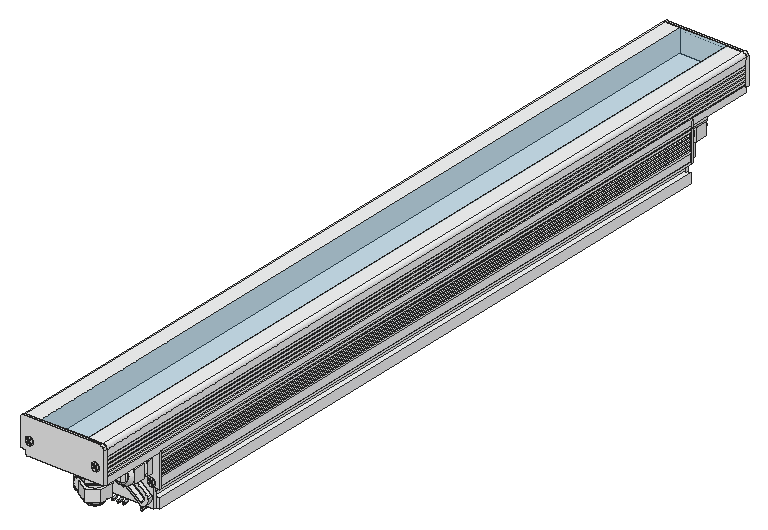
Revit family "ALS600T-AD-4RF", category Lighting Fixtures, Revit 2017 (continued)
Forms (in)
  Revolve 85, solid, not visible
    sketch origin (-0.02137, 0, 1.06933) x (1, 0, 0) y (0, 1, 0)
      loop
        line (1.37586, -10.00382) -> (1.37586, -11.00382)
        arc (1.37586, -11.00382) -> (1.52201, -11.01021) -> (1.66198, -10.96768) r 0.43398
        arc (1.66198, -10.96768) -> (1.66734, -10.9471) -> (1.66198, -10.92653) r 0.04216
        arc (1.66198, -10.92653) -> (1.602, -10.77742) -> (1.58156, -10.61801) r 0.63207
        line (1.58156, -10.61801) -> (1.58156, -10.334) -> (1.47989, -10.334) -> (1.47989, -10.20428)
        arc (1.47989, -10.20428) -> (1.48546, -10.18683) -> (1.4786, -10.16984) r 0.02697
        arc (1.4786, -10.16984) -> (1.48546, -10.15285) -> (1.47989, -10.1354) r 0.02697
        arc (1.47989, -10.1354) -> (1.48548, -10.11895) -> (1.47989, -10.1025) r 0.02697
        arc (1.47989, -10.1025) -> (1.48548, -10.08606) -> (1.47989, -10.06961) r 0.02697
        arc (1.47989, -10.06961) -> (1.48548, -10.05316) -> (1.47989, -10.03672) r 0.02697
        arc (1.47989, -10.03672) -> (1.48548, -10.02027) -> (1.47989, -10.00382) r 0.02697
        line (1.47989, -10.00382) -> (1.37586, -10.00382)
      axis (1.37586, -10.00382) -> (1.37586, -11.00382)
    angle from 0 to 360
  Extrusion 86, solid, not visible
    sketch origin (0, -0.00052, 0) x (1, 0, 0) y (0, 0, 1)
      loop
        line (1.06129, 1.57) -> (1.06129, 1.53503) -> (1.29265, 1.53503) -> (1.29265, 1.57) -> (1.06129, 1.57)
      loop
        line (1.51092, 1.57) -> (1.51092, 1.53699) -> (1.72749, 1.53699) -> (1.72749, 1.57) -> (1.51092, 1.57)
    from 10.0033 to 12
  Extrusion 87, solid, not visible
    sketch origin (0, 0.4375, 0) x (1, 0, 0) y (0, 1, 0)
      loop
        circle (1.17753, -11.25427) r 0.11625
      loop
        line (1.12751, -11.17355) -> (1.10007, -11.1954) -> (1.14693, -11.25427) -> (1.10007, -11.31314) -> (1.12751, -11.33499) -> (1.17753, -11.27216) -> (1.22754, -11.33499) -> (1.25499, -11.31314) -> (1.20813, -11.25427) -> (1.25499, -11.1954) -> (1.22754, -11.17355) -> (1.17753, -11.23638) -> (1.12751, -11.17355)
    from 1.4643 to 1.5343
  Extrusion 88, solid, not visible
    sketch origin (1.44491, -13.53482, 13.24212) x (-1, 0, 0) y (0, 0, 1)
      loop
        circle (1.17753, -11.25427) r 0.11625
      loop
        line (1.12751, -11.17355) -> (1.10007, -11.1954) -> (1.14693, -11.25427) -> (1.10007, -11.31314) -> (1.12751, -11.33499) -> (1.17753, -11.27216) -> (1.22754, -11.33499) -> (1.25499, -11.31314) -> (1.20813, -11.25427) -> (1.25499, -11.1954) -> (1.22754, -11.17355) -> (1.17753, -11.23638) -> (1.12751, -11.17355)
    from 1.4542 to 1.5343
  Extrusion 89, solid, not visible
    sketch origin (1.42321, -12.31607, 11.93355) x (-1, 0, 0) y (0, 0, 1)
      loop
        circle (1.17753, -11.25427) r 0.11625
      loop
        line (1.12751, -11.17355) -> (1.10007, -11.1954) -> (1.14693, -11.25427) -> (1.10007, -11.31314) -> (1.12751, -11.33499) -> (1.17753, -11.27216) -> (1.22754, -11.33499) -> (1.25499, -11.31314) -> (1.20813, -11.25427) -> (1.25499, -11.1954) -> (1.22754, -11.17355) -> (1.17753, -11.23638) -> (1.12751, -11.17355)
    from 2.36607 to 2.31225
  Extrusion 90, solid, not visible
    sketch origin (1.06982, -12.31607, 13.24212) x (1, 0, 0) y (0, 0, -1)
      loop
        circle (1.17753, 11.25427) r 0.11625
      loop
        line (1.12751, 11.17355) -> (1.17753, 11.23638) -> (1.22754, 11.17355) -> (1.25499, 11.1954) -> (1.20813, 11.25427) -> (1.25499, 11.31314) -> (1.22754, 11.33499) -> (1.17753, 11.27216) -> (1.12751, 11.33499) -> (1.10007, 11.31314) -> (1.14693, 11.25427) -> (1.10007, 11.1954) -> (1.12751, 11.17355)
    from 0.23545 to 0.31607
  Extrusion 91, solid, not visible
    sketch origin (1.09152, -12.31607, 11.93355) x (1, 0, 0) y (0, 0, -1)
      loop
        circle (1.17753, 11.25427) r 0.11625
      loop
        line (1.12751, 11.17355) -> (1.17753, 11.23638) -> (1.22754, 11.17355) -> (1.25499, 11.1954) -> (1.20813, 11.25427) -> (1.25499, 11.31314) -> (1.22754, 11.33499) -> (1.17753, 11.27216) -> (1.12751, 11.33499) -> (1.10007, 11.31314) -> (1.14693, 11.25427) -> (1.10007, 11.1954) -> (1.12751, 11.17355)
    from 2.31225 to 2.36607
  Extrusion 92, solid, not visible
    sketch origin (0, -0.00052, 0) x (1, 0, 0) y (0, 0, 1)
      loop
        circle (2.25157, 0.08671) r 0.03149
    from 10.19954 to 10.33348
  Extrusion 93, solid, not visible
    sketch origin (-0.1358, -0.00052, -0.03639) x (1, 0, 0) y (0, 0, 1)
      loop
        circle (2.25157, 0.08671) r 0.03149
    from 10.20006 to 10.334
  Extrusion 94, solid, not visible
    sketch origin (-0.29128, -0.00052, -0.03639) x (1, 0, 0) y (0, 0, 1)
      loop
        circle (2.25157, 0.08671) r 0.03149
    from 10.20006 to 10.334
  Extrusion 95, solid, not visible
    sketch origin (-0.46418, -0.00052, -0.02934) x (1, 0, 0) y (0, 0, 1)
      loop
        circle (2.25157, 0.08671) r 0.03149
    from 10.20006 to 10.334
  Extrusion 96, solid, not visible
    sketch origin (-0.61226, -0.00052, -0.0059) x (1, 0, 0) y (0, 0, 1)
      loop
        circle (2.25157, 0.08671) r 0.03149
    from 10.20006 to 10.334
  Extrusion 97, solid, not visible
    sketch origin (-0.7201, -0.00052, 0.04439) x (1, 0, 0) y (0, 0, 1)
      loop
        circle (2.25157, 0.08671) r 0.03149
    from 10.20006 to 10.334
  Extrusion 98, solid, not visible
    sketch origin (-0.80367, -0.00052, 0.1057) x (1, 0, 0) y (0, 0, 1)
      loop
        circle (2.25157, 0.08671) r 0.03149
    from 10.20006 to 10.334
  Extrusion 99, solid, not visible
    sketch origin (-0.86646, -0.00052, 0.19193) x (1, 0, 0) y (0, 0, 1)
      loop
        circle (2.25157, 0.08671) r 0.03149
    from 10.20006 to 10.334
  Extrusion 100, solid, not visible
    sketch origin (-0.98716, -0.00052, 0.37512) x (1, 0, 0) y (0, 0, 1)
      loop
        circle (2.25157, 0.08671) r 0.03149
    from 10.20006 to 10.334
  Extrusion 101, solid, not visible
    sketch origin (-1.03279, -0.00052, 0.48503) x (1, 0, 0) y (0, 0, 1)
      loop
        circle (2.25157, 0.08671) r 0.03149
    from 10.20006 to 10.334
  Extrusion 102, solid, not visible
    sketch origin (-1.00935, -0.00052, 0.61594) x (1, 0, 0) y (0, 0, 1)
      loop
        circle (2.25157, 0.08671) r 0.03149
    from 10.20006 to 10.334
  Extrusion 103, solid, not visible
    sketch origin (-0.95447, -0.00052, 0.67082) x (1, 0, 0) y (0, 0, 1)
      loop
        circle (2.25157, 0.08671) r 0.03149
    from 10.20006 to 10.334
  Extrusion 104, solid, not visible
    sketch origin (-0.93784, -0.00052, 0.2662) x (1, 0, 0) y (0, 0, 1)
      loop
        circle (2.25157, 0.08671) r 0.03149
    from 10.20006 to 10.334
  Extrusion 105, solid, material "Fixture Cap" <- "Fixture Cap", not visible
    sketch origin (-1.93945, -5.61414, 5.29794) x (1, 0, 0) y (0, 0, -1)
      loop
        line (4.45945, -2.27206) -> (2.17116, -2.27206)
        arc (2.17116, -2.27206) -> (2.12786, -2.29) -> (2.10992, -2.3333) r 0.06125
        line (2.10992, -2.3333) -> (2.10992, -2.43072) -> (1.93945, -2.43072) -> (1.93945, -3.22491)
        arc (1.93945, -3.22491) -> (1.97084, -3.30068) -> (2.0466, -3.33206) r 0.10715
        line (2.0466, -3.33206) -> (4.34703, -3.33206)
        arc (4.34703, -3.33206) -> (4.42653, -3.29913) -> (4.45945, -3.21964) r 0.11242
        line (4.45945, -3.21964) -> (4.45945, -2.27206)
    from -6.38586 to -6.46648
  Extrusion 106, solid, material "Fixture Cap" <- "Fixture Cap", not visible
    sketch origin (-1.34079, -5.61414, 3.55692) x (1, 0, 0) y (0, 0, -1)
      loop
        line (3.70079, -2.44308) -> (1.50079, -2.44308) -> (1.50079, -3.00999) -> (1.34079, -3.00999) -> (1.34079, -4.17175) -> (1.51125, -4.17175) -> (1.51125, -4.07433)
        arc (1.51125, -4.07433) -> (1.52919, -4.03102) -> (1.5725, -4.01308) r 0.06125
        line (1.5725, -4.01308) -> (3.86079, -4.01308) -> (3.86079, -3.00999) -> (3.70079, -3.00999) -> (3.70079, -2.44308)
    from -4.33586 to -4.38968
  Extrusion 107, solid, not visible
    sketch origin (0, 0, 6) x (1, 0, 0) y (0, 0, 1)
      loop
        arc (0.17046, 1.66319) -> (0.05923, 1.65903) -> (0, 1.56477) r 0.11912
        line (0, 1.56477) -> (0, 1.4901)
        arc (0, 1.4901) -> (0.14626, 1.39146) -> (0.24596, 1.53699) r 0.1252
        line (0.24596, 1.53699) -> (1.06129, 1.53699) -> (1.06129, 1.57) -> (0.23171, 1.57)
        arc (0.23171, 1.57) -> (0.1884, 1.58794) -> (0.17046, 1.63125) r 0.06125
        line (0.17046, 1.63125) -> (0.17046, 1.66319)
    from 10.00382 to 10.51999
  Extrusion 108, solid, not visible
    sketch origin (0, 0, 6) x (1, 0, 0) y (0, 0, 1)
      loop
        arc (1.14151, 1.50452) -> (1.07455, 1.53392) -> (1.00195, 1.52513) r 0.13857
        arc (1.00195, 1.52513) -> (0.90722, 1.45276) -> (0.86206, 1.34243) r 0.22764
        arc (0.86206, 1.34243) -> (0.87048, 1.27794) -> (0.90914, 1.22565) r 0.1297
        line (0.90914, 1.22565) -> (2.17525, 0.20038)
        arc (2.17525, 0.20038) -> (2.20644, 0.18238) -> (2.24166, 0.17494) r 0.11481
        line (2.24166, 0.17494) -> (2.27594, 0.13261) -> (2.27703, 0.17865)
        arc (2.27703, 0.17865) -> (2.40611, 0.26958) -> (2.44515, 0.42256) r 0.22797
        arc (2.44515, 0.42256) -> (2.4371, 0.44854) -> (2.41972, 0.46945) r 0.06962
        line (2.41972, 0.46945) -> (1.14151, 1.50452)
      loop
        arc (2.21627, 0.28297) -> (2.24785, 0.26992) -> (2.28144, 0.27623) r 0.06
        arc (2.28144, 0.27623) -> (2.32403, 0.3102) -> (2.35016, 0.35801) r 0.13797
        arc (2.35016, 0.35801) -> (2.35029, 0.39565) -> (2.32927, 0.42689) r 0.06414
        line (2.32927, 0.42689) -> (1.09286, 1.42811)
        arc (1.09286, 1.42811) -> (1.05744, 1.44233) -> (1.02015, 1.43415) r 0.0648
        arc (1.02015, 1.43415) -> (0.97773, 1.39679) -> (0.95389, 1.34553) r 0.13764
        arc (0.95389, 1.34553) -> (0.95547, 1.31485) -> (0.97308, 1.28968) r 0.05565
        line (0.97308, 1.28968) -> (2.21627, 0.28297)
    from -10.21942 to -10.334
  Revolve 109, solid, not visible
    sketch origin (-0.02137, 0, 7.06933) x (1, 0, 0) y (0, 1, 0)
      loop
        line (1.37586, 10.00382) -> (1.47989, 10.00382)
        arc (1.47989, 10.00382) -> (1.48548, 10.02027) -> (1.47989, 10.03672) r 0.02697
        arc (1.47989, 10.03672) -> (1.48548, 10.05316) -> (1.47989, 10.06961) r 0.02697
        arc (1.47989, 10.06961) -> (1.48548, 10.08606) -> (1.47989, 10.1025) r 0.02697
        arc (1.47989, 10.1025) -> (1.48548, 10.11895) -> (1.47989, 10.1354) r 0.02697
        arc (1.47989, 10.1354) -> (1.48546, 10.15285) -> (1.4786, 10.16984) r 0.02697
        arc (1.4786, 10.16984) -> (1.48546, 10.18683) -> (1.47989, 10.20428) r 0.02697
        line (1.47989, 10.20428) -> (1.47989, 10.334) -> (1.58156, 10.334) -> (1.58156, 10.61801)
        arc (1.58156, 10.61801) -> (1.602, 10.77742) -> (1.66198, 10.92653) r 0.63207
        arc (1.66198, 10.92653) -> (1.66734, 10.9471) -> (1.66198, 10.96768) r 0.04216
        arc (1.66198, 10.96768) -> (1.52201, 11.01021) -> (1.37586, 11.00382) r 0.43398
        line (1.37586, 11.00382) -> (1.37586, 10.00382)
      axis (1.37586, 10.00382) -> (1.37586, 11.00382)
    angle from 0 to 360
  Extrusion 110, solid, not visible
    sketch origin (0, 0, 6) x (1, 0, 0) y (0, 0, 1)
      loop
        line (1.06129, 1.57) -> (1.06129, 1.53503) -> (1.29265, 1.53503) -> (1.29265, 1.57) -> (1.06129, 1.57)
      loop
        line (1.51092, 1.57) -> (1.51092, 1.53699) -> (1.72749, 1.53699) -> (1.72749, 1.57) -> (1.51092, 1.57)
    from 10.00382 to 12
  Extrusion 111, solid, not visible
    sketch origin (0, 0.4375, 6) x (1, 0, 0) y (0, 1, 0)
      loop
        circle (1.17753, 10.37927) r 0.11625
      loop
        line (1.12751, 10.29855) -> (1.17753, 10.36138) -> (1.22754, 10.29855) -> (1.25499, 10.3204) -> (1.20813, 10.37927) -> (1.25499, 10.43814) -> (1.22754, 10.45999) -> (1.17753, 10.39716) -> (1.12751, 10.45999) -> (1.10007, 10.43814) -> (1.14693, 10.37927) -> (1.10007, 10.3204) -> (1.12751, 10.29855)
    from 1.4643 to 1.5343
  Extrusion 112, solid, not visible
    sketch origin (1.44491, -13.53482, 19.24212) x (-1, 0, 0) y (0, 0, 1)
      loop
        circle (1.17753, -11.25427) r 0.11625
      loop
        line (1.12751, -11.17355) -> (1.10007, -11.1954) -> (1.14693, -11.25427) -> (1.10007, -11.31314) -> (1.12751, -11.33499) -> (1.17753, -11.27216) -> (1.22754, -11.33499) -> (1.25499, -11.31314) -> (1.20813, -11.25427) -> (1.25499, -11.1954) -> (1.22754, -11.17355) -> (1.17753, -11.23638) -> (1.12751, -11.17355)
    from 1.4542 to 1.5343
  Extrusion 113, solid, not visible
    sketch origin (1.42321, -12.31607, 17.93355) x (-1, 0, 0) y (0, 0, 1)
      loop
        circle (1.17753, -11.25427) r 0.11625
      loop
        line (1.12751, -11.17355) -> (1.10007, -11.1954) -> (1.14693, -11.25427) -> (1.10007, -11.31314) -> (1.12751, -11.33499) -> (1.17753, -11.27216) -> (1.22754, -11.33499) -> (1.25499, -11.31314) -> (1.20813, -11.25427) -> (1.25499, -11.1954) -> (1.22754, -11.17355) -> (1.17753, -11.23638) -> (1.12751, -11.17355)
    from 2.36607 to 2.31225
  Extrusion 114, solid, not visible
    sketch origin (1.06982, -12.31607, 19.24212) x (1, 0, 0) y (0, 0, -1)
      loop
        circle (1.17753, 11.25427) r 0.11625
      loop
        line (1.12751, 11.17355) -> (1.17753, 11.23638) -> (1.22754, 11.17355) -> (1.25499, 11.1954) -> (1.20813, 11.25427) -> (1.25499, 11.31314) -> (1.22754, 11.33499) -> (1.17753, 11.27216) -> (1.12751, 11.33499) -> (1.10007, 11.31314) -> (1.14693, 11.25427) -> (1.10007, 11.1954) -> (1.12751, 11.17355)
    from 0.23545 to 0.31607
  Extrusion 115, solid, not visible
    sketch origin (1.09152, -12.31607, 17.93355) x (1, 0, 0) y (0, 0, -1)
      loop
        circle (1.17753, 11.25427) r 0.11625
      loop
        line (1.12751, 11.17355) -> (1.17753, 11.23638) -> (1.22754, 11.17355) -> (1.25499, 11.1954) -> (1.20813, 11.25427) -> (1.25499, 11.31314) -> (1.22754, 11.33499) -> (1.17753, 11.27216) -> (1.12751, 11.33499) -> (1.10007, 11.31314) -> (1.14693, 11.25427) -> (1.10007, 11.1954) -> (1.12751, 11.17355)
    from 2.31225 to 2.36607
  Extrusion 116, solid, not visible
    sketch origin (0, 0, 6) x (1, 0, 0) y (0, 0, 1)
      loop
        circle (2.25157, 0.08671) r 0.03149
    from -10.21942 to -10.334
  Extrusion 117, solid, not visible
    sketch origin (-0.1358, 0, 5.96361) x (1, 0, 0) y (0, 0, 1)
      loop
        circle (2.25157, 0.08671) r 0.03149
    from 10.20006 to 10.334
  Extrusion 118, solid, not visible
    sketch origin (-0.29128, 0, 5.96361) x (1, 0, 0) y (0, 0, 1)
      loop
        circle (2.25157, 0.08671) r 0.03149
    from 10.20006 to 10.334
  Extrusion 119, solid, not visible
    sketch origin (-0.46418, 0, 5.97066) x (1, 0, 0) y (0, 0, 1)
      loop
        circle (2.25157, 0.08671) r 0.03149
    from 10.20006 to 10.334
  Extrusion 120, solid, not visible
    sketch origin (-0.61226, 0, 5.9941) x (1, 0, 0) y (0, 0, 1)
      loop
        circle (2.25157, 0.08671) r 0.03149
    from 10.20006 to 10.334
  Extrusion 121, solid, not visible
    sketch origin (-0.7201, 0, 6.04439) x (1, 0, 0) y (0, 0, 1)
      loop
        circle (2.25157, 0.08671) r 0.03149
    from 10.20006 to 10.334
  Extrusion 122, solid, not visible
    sketch origin (-0.80367, 0, 6.1057) x (1, 0, 0) y (0, 0, 1)
      loop
        circle (2.25157, 0.08671) r 0.03149
    from 10.20006 to 10.334
  Extrusion 123, solid, not visible
    sketch origin (-0.86646, 0, 6.19193) x (1, 0, 0) y (0, 0, 1)
      loop
        circle (2.25157, 0.08671) r 0.03149
    from 10.20006 to 10.334
  Extrusion 124, solid, not visible
    sketch origin (-0.98716, 0, 6.37512) x (1, 0, 0) y (0, 0, 1)
      loop
        circle (2.25157, 0.08671) r 0.03149
    from 10.20006 to 10.334
  Extrusion 125, solid, not visible
    sketch origin (-1.03279, 0, 6.48503) x (1, 0, 0) y (0, 0, 1)
      loop
        circle (2.25157, 0.08671) r 0.03149
    from 10.20006 to 10.334
  Extrusion 126, solid, not visible
    sketch origin (-1.00935, 0, 6.61594) x (1, 0, 0) y (0, 0, 1)
      loop
        circle (2.25157, 0.08671) r 0.03149
    from 10.20006 to 10.334
  Extrusion 127, solid, not visible
    sketch origin (-0.95447, 0, 6.67082) x (1, 0, 0) y (0, 0, 1)
      loop
        circle (2.25157, 0.08671) r 0.03149
    from 10.20006 to 10.334
  Extrusion 128, solid, not visible
    sketch origin (-0.93784, 0, 6.2662) x (1, 0, 0) y (0, 0, 1)
      loop
        circle (2.25157, 0.08671) r 0.03149
    from 10.20006 to 10.334
  Extrusion 129, solid, material "Fixture Cap" <- "Fixture Cap"
    sketch origin (4.45945, 5.61414, -0.70206) x (-1, 0, 0) y (0, 0, -1)
      loop
        line (4.45945, -2.27206) -> (2.17116, -2.27206)
        arc (2.17116, -2.27206) -> (2.12786, -2.29) -> (2.10992, -2.3333) r 0.06125
        line (2.10992, -2.3333) -> (2.10992, -2.43072) -> (1.93945, -2.43072) -> (1.93945, -3.22491)
        arc (1.93945, -3.22491) -> (1.97084, -3.30068) -> (2.0466, -3.33206) r 0.10715
        line (2.0466, -3.33206) -> (4.34703, -3.33206)
        arc (4.34703, -3.33206) -> (4.42653, -3.29913) -> (4.45945, -3.21964) r 0.11242
        line (4.45945, -3.21964) -> (4.45945, -2.27206)
    from -6.38586 to -6.46648
  Extrusion 130, solid, material "Fixture Cap" <- "Fixture Cap"
    sketch origin (3.86079, 5.61414, -2.44308) x (-1, 0, 0) y (0, 0, -1)
      loop
        line (3.70079, -2.44308) -> (1.50079, -2.44308) -> (1.50079, -3.00999) -> (1.34079, -3.00999) -> (1.34079, -4.17175) -> (1.51125, -4.17175) -> (1.51125, -4.07433)
        arc (1.51125, -4.07433) -> (1.52919, -4.03102) -> (1.5725, -4.01308) r 0.06125
        line (1.5725, -4.01308) -> (3.86079, -4.01308) -> (3.86079, -3.00999) -> (3.70079, -3.00999) -> (3.70079, -2.44308)
    from -4.33586 to -4.38968
  Extrusion 131, solid, material "Fixture Cap" <- "Fixture Cap"
    sketch origin (2.52, 0, 0) x (-1, 0, 0) y (0, 0, 1)
      loop
        arc (0.17046, 1.66319) -> (0.05923, 1.65903) -> (0, 1.56477) r 0.11912
        line (0, 1.56477) -> (0, 1.4901)
        arc (0, 1.4901) -> (0.14626, 1.39146) -> (0.24596, 1.53699) r 0.1252
        line (0.24596, 1.53699) -> (1.06129, 1.53699) -> (1.06129, 1.57) -> (0.23171, 1.57)
        arc (0.23171, 1.57) -> (0.1884, 1.58794) -> (0.17046, 1.63125) r 0.06125
        line (0.17046, 1.63125) -> (0.17046, 1.66319)
    from 10.00382 to 10.51999
  Extrusion 132, solid, material "Fixture Cap" <- "Fixture Cap"
    sketch origin (0.25882, -2.80497, -11.12253) x (-0.992263, 0, 0.124157) y (-0.124157, 0, -0.992263)
      loop
        line (0.35367, -11.80294) -> (0.30685, -11.42158) -> (-0.04682, -11.27146) -> (-0.35367, -11.50269) -> (-0.30685, -11.88404) -> (0.04682, -12.03416) -> (0.35367, -11.80294)
    from -13.48897 to -13.13897
  Extrusion 133, solid, material "Fixture Cap" <- "Fixture Cap"
    sketch origin (0.25882, 11.07382, -11.12253) x (-0.992263, 0, 0.124157) y (-0.124157, 0, -0.992263)
      loop
        line (0.35367, -11.80294) -> (0.30685, -11.42158) -> (-0.04682, -11.27146) -> (-0.35367, -11.50269) -> (-0.30685, -11.88404) -> (0.04682, -12.03416) -> (0.35367, -11.80294)
    from 0.89114 to 1.03699
  Revolve 134, solid, material "Fixture Cap" <- "Fixture Cap"
    sketch origin (1.70664, 11.57382, -11.21683) x (0, 0, -1) y (0, -1, 0)
      loop
        line (-11.65625, 1.57) -> (-11.96836, 1.57)
        arc (-11.96836, 1.57) -> (-11.9653, 1.55134) -> (-11.95297, 1.53699) r 0.03501
        line (-11.95297, 1.53699) -> (-11.65625, 1.53699) -> (-11.65625, 1.57)
      loop
        arc (-11.98625, 1.39114) -> (-11.93234, 1.3772) -> (-11.87676, 1.37376) r 0.29147
        arc (-11.87676, 1.37376) -> (-11.89505, 1.36674) -> (-11.91028, 1.3544) r 0.06261
        line (-11.91028, 1.3544) -> (-11.91028, 1.32108)
        arc (-11.91028, 1.32108) -> (-11.89505, 1.30875) -> (-11.87676, 1.30173) r 0.06261
        arc (-11.87676, 1.30173) -> (-11.89505, 1.2947) -> (-11.91028, 1.28237) r 0.06261
        line (-11.91028, 1.28237) -> (-11.91028, 1.23982) -> (-11.65625, 1.23982) -> (-11.65625, 1.39114) -> (-11.98625, 1.39114)
      loop
        line (-11.65625, 0.73699) -> (-11.65625, 0.88982) -> (-11.98625, 0.88982) -> (-11.885, 0.78857) -> (-11.885, 0.75664)
        arc (-11.885, 0.75664) -> (-11.87925, 0.74275) -> (-11.86535, 0.73699) r 0.01965
        line (-11.86535, 0.73699) -> (-11.65625, 0.73699)
      axis (-11.65625, 1.57) -> (-11.65625, 0.73699)
    angle from 0 to 360
  Extrusion 135, solid, material "Fixture Cap" <- "Fixture Cap"
    sketch origin (0.59586, -2.80497, -10.43795) x (-0.992263, 0, 0.124157) y (-0.124157, 0, -0.992263)
      loop
        line (0.35367, -11.80294) -> (0.30685, -11.42158) -> (-0.04682, -11.27146) -> (-0.35367, -11.50269) -> (-0.30685, -11.88404) -> (0.04682, -12.03416) -> (0.35367, -11.80294)
    from -13.48897 to -13.13897
  Extrusion 136, solid, material "Fixture Cap" <- "Fixture Cap"
    sketch origin (0.59586, 11.07382, -10.43795) x (-0.992263, 0, 0.124157) y (-0.124157, 0, -0.992263)
      loop
        line (0.35367, -11.80294) -> (0.30685, -11.42158) -> (-0.04682, -11.27146) -> (-0.35367, -11.50269) -> (-0.30685, -11.88404) -> (0.04682, -12.03416) -> (0.35367, -11.80294)
    from 0.89114 to 1.03699
  Revolve 137, solid, material "Fixture Cap" <- "Fixture Cap"
    sketch origin (2.04368, 11.57382, -10.53224) x (0, 0, -1) y (0, -1, 0)
      loop
        line (-11.65625, 1.57) -> (-11.96836, 1.57)
        arc (-11.96836, 1.57) -> (-11.9653, 1.55134) -> (-11.95297, 1.53699) r 0.03501
        line (-11.95297, 1.53699) -> (-11.65625, 1.53699) -> (-11.65625, 1.57)
      loop
        arc (-11.98625, 1.39114) -> (-11.93234, 1.3772) -> (-11.87676, 1.37376) r 0.29147
        arc (-11.87676, 1.37376) -> (-11.89505, 1.36674) -> (-11.91028, 1.3544) r 0.06261
        line (-11.91028, 1.3544) -> (-11.91028, 1.32108)
        arc (-11.91028, 1.32108) -> (-11.89505, 1.30875) -> (-11.87676, 1.30173) r 0.06261
        arc (-11.87676, 1.30173) -> (-11.89505, 1.2947) -> (-11.91028, 1.28237) r 0.06261
        line (-11.91028, 1.28237) -> (-11.91028, 1.23982) -> (-11.65625, 1.23982) -> (-11.65625, 1.39114) -> (-11.98625, 1.39114)
      loop
        line (-11.65625, 0.73699) -> (-11.65625, 0.88982) -> (-11.98625, 0.88982) -> (-11.885, 0.78857) -> (-11.885, 0.75664)
        arc (-11.885, 0.75664) -> (-11.87925, 0.74275) -> (-11.86535, 0.73699) r 0.01965
        line (-11.86535, 0.73699) -> (-11.65625, 0.73699)
      axis (-11.65625, 1.57) -> (-11.65625, 0.73699)
    angle from 0 to 360
  Extrusion 138, solid, material "Fixture Cap" <- "Fixture Cap"
    sketch origin (2.52, 0, 0) x (-1, 0, 0) y (0, 0, 1)
      loop
        arc (1.14151, 1.50452) -> (1.07455, 1.53392) -> (1.00195, 1.52513) r 0.13857
        arc (1.00195, 1.52513) -> (0.90722, 1.45276) -> (0.86206, 1.34243) r 0.22764
        arc (0.86206, 1.34243) -> (0.87048, 1.27794) -> (0.90914, 1.22565) r 0.1297
        line (0.90914, 1.22565) -> (2.17525, 0.20038)
        arc (2.17525, 0.20038) -> (2.20644, 0.18238) -> (2.24166, 0.17494) r 0.11481
        line (2.24166, 0.17494) -> (2.27594, 0.13261) -> (2.27703, 0.17865)
        arc (2.27703, 0.17865) -> (2.40611, 0.26958) -> (2.44515, 0.42256) r 0.22797
        arc (2.44515, 0.42256) -> (2.4371, 0.44854) -> (2.41972, 0.46945) r 0.06962
        line (2.41972, 0.46945) -> (1.14151, 1.50452)
      loop
        arc (2.21627, 0.28297) -> (2.24785, 0.26992) -> (2.28144, 0.27623) r 0.06
        arc (2.28144, 0.27623) -> (2.32403, 0.3102) -> (2.35016, 0.35801) r 0.13797
        arc (2.35016, 0.35801) -> (2.35029, 0.39565) -> (2.32927, 0.42689) r 0.06414
        line (2.32927, 0.42689) -> (1.09286, 1.42811)
        arc (1.09286, 1.42811) -> (1.05744, 1.44233) -> (1.02015, 1.43415) r 0.0648
        arc (1.02015, 1.43415) -> (0.97773, 1.39679) -> (0.95389, 1.34553) r 0.13764
        arc (0.95389, 1.34553) -> (0.95547, 1.31485) -> (0.97308, 1.28968) r 0.05565
        line (0.97308, 1.28968) -> (2.21627, 0.28297)
    from 10.20006 to 10.334
  Extrusion 139, solid, material "Fixture Cap" <- "Fixture Cap"
    sketch origin (-0.90414, -2.80497, -10.43795) x (-0.992263, 0, 0.124157) y (-0.124157, 0, -0.992263)
      loop
        line (0.35367, -11.80294) -> (0.30685, -11.42158) -> (-0.04682, -11.27146) -> (-0.35367, -11.50269) -> (-0.30685, -11.88404) -> (0.04682, -12.03416) -> (0.35367, -11.80294)
    from -13.48897 to -13.13897
  Extrusion 140, solid, material "Fixture Cap" <- "Fixture Cap"
    sketch origin (-0.90414, 11.07382, -10.43795) x (-0.992263, 0, 0.124157) y (-0.124157, 0, -0.992263)
      loop
        line (0.35367, -11.80294) -> (0.30685, -11.42158) -> (-0.04682, -11.27146) -> (-0.35367, -11.50269) -> (-0.30685, -11.88404) -> (0.04682, -12.03416) -> (0.35367, -11.80294)
    from 0.89114 to 1.03699
  Revolve 141, solid, material "Fixture Cap" <- "Fixture Cap"
    sketch origin (0.54368, 11.57382, -10.53224) x (0, 0, -1) y (0, -1, 0)
      loop
        line (-11.65625, 1.57) -> (-11.96836, 1.57)
        arc (-11.96836, 1.57) -> (-11.9653, 1.55134) -> (-11.95297, 1.53699) r 0.03501
        line (-11.95297, 1.53699) -> (-11.65625, 1.53699) -> (-11.65625, 1.57)
      loop
        arc (-11.98625, 1.39114) -> (-11.93234, 1.3772) -> (-11.87676, 1.37376) r 0.29147
        arc (-11.87676, 1.37376) -> (-11.89505, 1.36674) -> (-11.91028, 1.3544) r 0.06261
        line (-11.91028, 1.3544) -> (-11.91028, 1.32108)
        arc (-11.91028, 1.32108) -> (-11.89505, 1.30875) -> (-11.87676, 1.30173) r 0.06261
        arc (-11.87676, 1.30173) -> (-11.89505, 1.2947) -> (-11.91028, 1.28237) r 0.06261
        line (-11.91028, 1.28237) -> (-11.91028, 1.23982) -> (-11.65625, 1.23982) -> (-11.65625, 1.39114) -> (-11.98625, 1.39114)
      loop
        line (-11.65625, 0.73699) -> (-11.65625, 0.88982) -> (-11.98625, 0.88982) -> (-11.885, 0.78857) -> (-11.885, 0.75664)
        arc (-11.885, 0.75664) -> (-11.87925, 0.74275) -> (-11.86535, 0.73699) r 0.01965
        line (-11.86535, 0.73699) -> (-11.65625, 0.73699)
      axis (-11.65625, 1.57) -> (-11.65625, 0.73699)
    angle from 0 to 360
  Revolve 142, solid, material "Fixture Cap" <- "Fixture Cap"
    sketch origin (2.54137, 0, 1.06933) x (-1, 0, 0) y (0, -1, 0)
      loop
        line (1.37586, -10.00382) -> (1.37586, -11.00382)
        arc (1.37586, -11.00382) -> (1.52201, -11.01021) -> (1.66198, -10.96768) r 0.43398
        arc (1.66198, -10.96768) -> (1.66734, -10.9471) -> (1.66198, -10.92653) r 0.04216
        arc (1.66198, -10.92653) -> (1.602, -10.77742) -> (1.58156, -10.61801) r 0.63207
        line (1.58156, -10.61801) -> (1.58156, -10.334) -> (1.47989, -10.334) -> (1.47989, -10.20428)
        arc (1.47989, -10.20428) -> (1.48546, -10.18683) -> (1.4786, -10.16984) r 0.02697
        arc (1.4786, -10.16984) -> (1.48546, -10.15285) -> (1.47989, -10.1354) r 0.02697
        arc (1.47989, -10.1354) -> (1.48548, -10.11895) -> (1.47989, -10.1025) r 0.02697
        arc (1.47989, -10.1025) -> (1.48548, -10.08606) -> (1.47989, -10.06961) r 0.02697
        arc (1.47989, -10.06961) -> (1.48548, -10.05316) -> (1.47989, -10.03672) r 0.02697
        arc (1.47989, -10.03672) -> (1.48548, -10.02027) -> (1.47989, -10.00382) r 0.02697
        line (1.47989, -10.00382) -> (1.37586, -10.00382)
      axis (1.37586, -10.00382) -> (1.37586, -11.00382)
    angle from 0 to 360
  Extrusion 143, solid, material "Fixture Cap" <- "Fixture Cap"
    sketch origin (2.52, 0, 0) x (-1, 0, 0) y (0, 0, 1)
      loop
        line (1.06129, 1.57) -> (1.06129, 1.53503) -> (1.29265, 1.53503) -> (1.29265, 1.57) -> (1.06129, 1.57)
      loop
        line (1.51092, 1.57) -> (1.51092, 1.53699) -> (1.72749, 1.53699) -> (1.72749, 1.57) -> (1.51092, 1.57)
    from 10.00382 to 12
  Extrusion 144, solid, material "Fixture Cap" <- "Fixture Cap"
    sketch origin (2.52, -0.4375, 0) x (-1, 0, 0) y (0, -1, 0)
      loop
        circle (1.17753, -11.25427) r 0.11625
      loop
        line (1.12751, -11.17355) -> (1.10007, -11.1954) -> (1.14693, -11.25427) -> (1.10007, -11.31314) -> (1.12751, -11.33499) -> (1.17753, -11.27216) -> (1.22754, -11.33499) -> (1.25499, -11.31314) -> (1.20813, -11.25427) -> (1.25499, -11.1954) -> (1.22754, -11.17355) -> (1.17753, -11.23638) -> (1.12751, -11.17355)
    from 1.4643 to 1.5343
  Extrusion 145, solid, material "Fixture Cap" <- "Fixture Cap"
    sketch origin (1.07509, 13.53482, 13.24212) x (1, 0, 0) y (0, 0, 1)
      loop
        circle (1.17753, -11.25427) r 0.11625
      loop
        line (1.12751, -11.17355) -> (1.10007, -11.1954) -> (1.14693, -11.25427) -> (1.10007, -11.31314) -> (1.12751, -11.33499) -> (1.17753, -11.27216) -> (1.22754, -11.33499) -> (1.25499, -11.31314) -> (1.20813, -11.25427) -> (1.25499, -11.1954) -> (1.22754, -11.17355) -> (1.17753, -11.23638) -> (1.12751, -11.17355)
    from 1.4542 to 1.5343
  Extrusion 146, solid, material "Fixture Cap" <- "Fixture Cap"
    sketch origin (1.09679, 12.31607, 11.93355) x (1, 0, 0) y (0, 0, 1)
      loop
        circle (1.17753, -11.25427) r 0.11625
      loop
        line (1.12751, -11.17355) -> (1.10007, -11.1954) -> (1.14693, -11.25427) -> (1.10007, -11.31314) -> (1.12751, -11.33499) -> (1.17753, -11.27216) -> (1.22754, -11.33499) -> (1.25499, -11.31314) -> (1.20813, -11.25427) -> (1.25499, -11.1954) -> (1.22754, -11.17355) -> (1.17753, -11.23638) -> (1.12751, -11.17355)
    from 2.36607 to 2.31225
  Extrusion 147, solid, material "Fixture Cap" <- "Fixture Cap"
    sketch origin (1.45018, 12.31607, 13.24212) x (-1, 0, 0) y (0, 0, -1)
      loop
        circle (1.17753, 11.25427) r 0.11625
      loop
        line (1.12751, 11.17355) -> (1.17753, 11.23638) -> (1.22754, 11.17355) -> (1.25499, 11.1954) -> (1.20813, 11.25427) -> (1.25499, 11.31314) -> (1.22754, 11.33499) -> (1.17753, 11.27216) -> (1.12751, 11.33499) -> (1.10007, 11.31314) -> (1.14693, 11.25427) -> (1.10007, 11.1954) -> (1.12751, 11.17355)
    from 0.23545 to 0.31607
  Extrusion 148, solid, material "Fixture Cap" <- "Fixture Cap"
    sketch origin (1.42848, 12.31607, 11.93355) x (-1, 0, 0) y (0, 0, -1)
      loop
        circle (1.17753, 11.25427) r 0.11625
      loop
        line (1.12751, 11.17355) -> (1.17753, 11.23638) -> (1.22754, 11.17355) -> (1.25499, 11.1954) -> (1.20813, 11.25427) -> (1.25499, 11.31314) -> (1.22754, 11.33499) -> (1.17753, 11.27216) -> (1.12751, 11.33499) -> (1.10007, 11.31314) -> (1.14693, 11.25427) -> (1.10007, 11.1954) -> (1.12751, 11.17355)
    from 2.31225 to 2.36607
  Extrusion 149, solid, material "Fixture Cap" <- "Fixture Cap"
    sketch origin (2.52, 0, 0) x (-1, 0, 0) y (0, 0, 1)
      loop
        circle (2.25157, 0.08671) r 0.03149
    from 10.20006 to 10.334
  Extrusion 150, solid, material "Fixture Cap" <- "Fixture Cap"
    sketch origin (2.6558, 0, -0.03639) x (-1, 0, 0) y (0, 0, 1)
      loop
        circle (2.25157, 0.08671) r 0.03149
    from 10.20006 to 10.334
  Extrusion 151, solid, material "Fixture Cap" <- "Fixture Cap"
    sketch origin (2.81128, 0, -0.03639) x (-1, 0, 0) y (0, 0, 1)
      loop
        circle (2.25157, 0.08671) r 0.03149
    from 10.20006 to 10.334
  Extrusion 152, solid, material "Fixture Cap" <- "Fixture Cap"
    sketch origin (2.98418, 0, -0.02934) x (-1, 0, 0) y (0, 0, 1)
      loop
        circle (2.25157, 0.08671) r 0.03149
    from 10.20006 to 10.334
  Extrusion 153, solid, material "Fixture Cap" <- "Fixture Cap"
    sketch origin (3.13226, 0, -0.0059) x (-1, 0, 0) y (0, 0, 1)
      loop
        circle (2.25157, 0.08671) r 0.03149
    from 10.20006 to 10.334
  Extrusion 154, solid, material "Fixture Cap" <- "Fixture Cap"
    sketch origin (3.2401, 0, 0.04439) x (-1, 0, 0) y (0, 0, 1)
      loop
        circle (2.25157, 0.08671) r 0.03149
    from 10.20006 to 10.334
  Extrusion 155, solid, material "Fixture Cap" <- "Fixture Cap"
    sketch origin (3.32367, 0, 0.1057) x (-1, 0, 0) y (0, 0, 1)
      loop
        circle (2.25157, 0.08671) r 0.03149
    from 10.20006 to 10.334
  Extrusion 156, solid, material "Fixture Cap" <- "Fixture Cap"
    sketch origin (3.38646, 0, 0.19193) x (-1, 0, 0) y (0, 0, 1)
      loop
        circle (2.25157, 0.08671) r 0.03149
    from 10.20006 to 10.334
  Extrusion 157, solid, material "Fixture Cap" <- "Fixture Cap"
    sketch origin (3.50716, 0, 0.37512) x (-1, 0, 0) y (0, 0, 1)
      loop
        circle (2.25157, 0.08671) r 0.03149
    from 10.20006 to 10.334
  Extrusion 158, solid, material "Fixture Cap" <- "Fixture Cap"
    sketch origin (3.55279, 0, 0.48503) x (-1, 0, 0) y (0, 0, 1)
      loop
        circle (2.25157, 0.08671) r 0.03149
    from 10.20006 to 10.334
  Extrusion 159, solid, material "Fixture Cap" <- "Fixture Cap"
    sketch origin (3.52935, 0, 0.61594) x (-1, 0, 0) y (0, 0, 1)
      loop
        circle (2.25157, 0.08671) r 0.03149
    from 10.20006 to 10.334
  Extrusion 160, solid, material "Fixture Cap" <- "Fixture Cap"
    sketch origin (3.47447, 0, 0.67082) x (-1, 0, 0) y (0, 0, 1)
      loop
        circle (2.25157, 0.08671) r 0.03149
    from 10.20006 to 10.334
  Extrusion 161, solid, material "Fixture Cap" <- "Fixture Cap"
    sketch origin (3.45784, 0, 0.2662) x (-1, 0, 0) y (0, 0, 1)
      loop
        circle (2.25157, 0.08671) r 0.03149
    from 10.20006 to 10.334
  Extrusion 162, solid, material "Fixture Cap" <- "Fixture Cap", not visible
    sketch origin (4.45945, 5.61414, -0.70206) x (-1, 0, 0) y (0, 0, -1)
      loop
        line (4.45945, -2.27206) -> (2.17116, -2.27206)
        arc (2.17116, -2.27206) -> (2.12786, -2.29) -> (2.10992, -2.3333) r 0.06125
        line (2.10992, -2.3333) -> (2.10992, -2.43072) -> (1.93945, -2.43072) -> (1.93945, -3.22491)
        arc (1.93945, -3.22491) -> (1.97084, -3.30068) -> (2.0466, -3.33206) r 0.10715
        line (2.0466, -3.33206) -> (4.34703, -3.33206)
        arc (4.34703, -3.33206) -> (4.42653, -3.29913) -> (4.45945, -3.21964) r 0.11242
        line (4.45945, -3.21964) -> (4.45945, -2.27206)
    from -6.38586 to -6.46648
  Extrusion 163, solid, material "Fixture Cap" <- "Fixture Cap", not visible
    sketch origin (3.86079, 5.61414, -2.44308) x (-1, 0, 0) y (0, 0, -1)
      loop
        line (3.70079, -2.44308) -> (1.50079, -2.44308) -> (1.50079, -3.00999) -> (1.34079, -3.00999) -> (1.34079, -4.17175) -> (1.51125, -4.17175) -> (1.51125, -4.07433)
        arc (1.51125, -4.07433) -> (1.52919, -4.03102) -> (1.5725, -4.01308) r 0.06125
        line (1.5725, -4.01308) -> (3.86079, -4.01308) -> (3.86079, -3.00999) -> (3.70079, -3.00999) -> (3.70079, -2.44308)
    from -4.33586 to -4.38968
  Extrusion 164, solid, material "Fixture Cap" <- "Fixture Cap", not visible
    sketch origin (2.52, 0, 0) x (-1, 0, 0) y (0, 0, 1)
      loop
        arc (0.17046, 1.66319) -> (0.05923, 1.65903) -> (0, 1.56477) r 0.11912
        line (0, 1.56477) -> (0, 1.4901)
        arc (0, 1.4901) -> (0.14626, 1.39146) -> (0.24596, 1.53699) r 0.1252
        line (0.24596, 1.53699) -> (1.06129, 1.53699) -> (1.06129, 1.57) -> (0.23171, 1.57)
        arc (0.23171, 1.57) -> (0.1884, 1.58794) -> (0.17046, 1.63125) r 0.06125
        line (0.17046, 1.63125) -> (0.17046, 1.66319)
    from 10.00382 to 10.51999
  Extrusion 165, solid, material "Fixture Cap" <- "Fixture Cap", not visible
    sketch origin (0.25882, -2.80497, -11.12253) x (-0.992263, 0, 0.124157) y (-0.124157, 0, -0.992263)
      loop
        line (0.35367, -11.80294) -> (0.30685, -11.42158) -> (-0.04682, -11.27146) -> (-0.35367, -11.50269) -> (-0.30685, -11.88404) -> (0.04682, -12.03416) -> (0.35367, -11.80294)
    from -13.48897 to -13.13897
  Extrusion 166, solid, material "Fixture Cap" <- "Fixture Cap", not visible
    sketch origin (0.25882, 11.07382, -11.12253) x (-0.992263, 0, 0.124157) y (-0.124157, 0, -0.992263)
      loop
        line (0.35367, -11.80294) -> (0.30685, -11.42158) -> (-0.04682, -11.27146) -> (-0.35367, -11.50269) -> (-0.30685, -11.88404) -> (0.04682, -12.03416) -> (0.35367, -11.80294)
    from 0.89114 to 1.03699
  Revolve 167, solid, material "Fixture Cap" <- "Fixture Cap", not visible
    sketch origin (1.70664, 11.57382, -11.21683) x (0, 0, -1) y (0, -1, 0)
      loop
        line (-11.65625, 1.57) -> (-11.96836, 1.57)
        arc (-11.96836, 1.57) -> (-11.9653, 1.55134) -> (-11.95297, 1.53699) r 0.03501
        line (-11.95297, 1.53699) -> (-11.65625, 1.53699) -> (-11.65625, 1.57)
      loop
        arc (-11.98625, 1.39114) -> (-11.93234, 1.3772) -> (-11.87676, 1.37376) r 0.29147
        arc (-11.87676, 1.37376) -> (-11.89505, 1.36674) -> (-11.91028, 1.3544) r 0.06261
        line (-11.91028, 1.3544) -> (-11.91028, 1.32108)
        arc (-11.91028, 1.32108) -> (-11.89505, 1.30875) -> (-11.87676, 1.30173) r 0.06261
        arc (-11.87676, 1.30173) -> (-11.89505, 1.2947) -> (-11.91028, 1.28237) r 0.06261
        line (-11.91028, 1.28237) -> (-11.91028, 1.23982) -> (-11.65625, 1.23982) -> (-11.65625, 1.39114) -> (-11.98625, 1.39114)
      loop
        line (-11.65625, 0.73699) -> (-11.65625, 0.88982) -> (-11.98625, 0.88982) -> (-11.885, 0.78857) -> (-11.885, 0.75664)
        arc (-11.885, 0.75664) -> (-11.87925, 0.74275) -> (-11.86535, 0.73699) r 0.01965
        line (-11.86535, 0.73699) -> (-11.65625, 0.73699)
      axis (-11.65625, 1.57) -> (-11.65625, 0.73699)
    angle from 0 to 360
  Extrusion 168, solid, material "Fixture Cap" <- "Fixture Cap", not visible
    sketch origin (0.59586, -2.80497, -10.43795) x (-0.992263, 0, 0.124157) y (-0.124157, 0, -0.992263)
      loop
        line (0.35367, -11.80294) -> (0.30685, -11.42158) -> (-0.04682, -11.27146) -> (-0.35367, -11.50269) -> (-0.30685, -11.88404) -> (0.04682, -12.03416) -> (0.35367, -11.80294)
    from -13.48897 to -13.13897
  Extrusion 169, solid, material "Fixture Cap" <- "Fixture Cap", not visible
    sketch origin (0.59586, 11.07382, -10.43795) x (-0.992263, 0, 0.124157) y (-0.124157, 0, -0.992263)
      loop
        line (0.35367, -11.80294) -> (0.30685, -11.42158) -> (-0.04682, -11.27146) -> (-0.35367, -11.50269) -> (-0.30685, -11.88404) -> (0.04682, -12.03416) -> (0.35367, -11.80294)
    from 0.89114 to 1.03699
  Revolve 170, solid, material "Fixture Cap" <- "Fixture Cap", not visible
    sketch origin (2.04368, 11.57382, -10.53224) x (0, 0, -1) y (0, -1, 0)
      loop
        line (-11.65625, 1.57) -> (-11.96836, 1.57)
        arc (-11.96836, 1.57) -> (-11.9653, 1.55134) -> (-11.95297, 1.53699) r 0.03501
        line (-11.95297, 1.53699) -> (-11.65625, 1.53699) -> (-11.65625, 1.57)
      loop
        arc (-11.98625, 1.39114) -> (-11.93234, 1.3772) -> (-11.87676, 1.37376) r 0.29147
        arc (-11.87676, 1.37376) -> (-11.89505, 1.36674) -> (-11.91028, 1.3544) r 0.06261
        line (-11.91028, 1.3544) -> (-11.91028, 1.32108)
        arc (-11.91028, 1.32108) -> (-11.89505, 1.30875) -> (-11.87676, 1.30173) r 0.06261
        arc (-11.87676, 1.30173) -> (-11.89505, 1.2947) -> (-11.91028, 1.28237) r 0.06261
        line (-11.91028, 1.28237) -> (-11.91028, 1.23982) -> (-11.65625, 1.23982) -> (-11.65625, 1.39114) -> (-11.98625, 1.39114)
      loop
        line (-11.65625, 0.73699) -> (-11.65625, 0.88982) -> (-11.98625, 0.88982) -> (-11.885, 0.78857) -> (-11.885, 0.75664)
        arc (-11.885, 0.75664) -> (-11.87925, 0.74275) -> (-11.86535, 0.73699) r 0.01965
        line (-11.86535, 0.73699) -> (-11.65625, 0.73699)
      axis (-11.65625, 1.57) -> (-11.65625, 0.73699)
    angle from 0 to 360
  Extrusion 171, solid, material "Fixture Cap" <- "Fixture Cap", not visible
    sketch origin (2.52, 0, 0) x (-1, 0, 0) y (0, 0, 1)
      loop
        arc (1.14151, 1.50452) -> (1.07455, 1.53392) -> (1.00195, 1.52513) r 0.13857
        arc (1.00195, 1.52513) -> (0.90722, 1.45276) -> (0.86206, 1.34243) r 0.22764
        arc (0.86206, 1.34243) -> (0.87048, 1.27794) -> (0.90914, 1.22565) r 0.1297
        line (0.90914, 1.22565) -> (2.17525, 0.20038)
        arc (2.17525, 0.20038) -> (2.20644, 0.18238) -> (2.24166, 0.17494) r 0.11481
        line (2.24166, 0.17494) -> (2.27594, 0.13261) -> (2.27703, 0.17865)
        arc (2.27703, 0.17865) -> (2.40611, 0.26958) -> (2.44515, 0.42256) r 0.22797
        arc (2.44515, 0.42256) -> (2.4371, 0.44854) -> (2.41972, 0.46945) r 0.06962
        line (2.41972, 0.46945) -> (1.14151, 1.50452)
      loop
        arc (2.21627, 0.28297) -> (2.24785, 0.26992) -> (2.28144, 0.27623) r 0.06
        arc (2.28144, 0.27623) -> (2.32403, 0.3102) -> (2.35016, 0.35801) r 0.13797
        arc (2.35016, 0.35801) -> (2.35029, 0.39565) -> (2.32927, 0.42689) r 0.06414
        line (2.32927, 0.42689) -> (1.09286, 1.42811)
        arc (1.09286, 1.42811) -> (1.05744, 1.44233) -> (1.02015, 1.43415) r 0.0648
        arc (1.02015, 1.43415) -> (0.97773, 1.39679) -> (0.95389, 1.34553) r 0.13764
        arc (0.95389, 1.34553) -> (0.95547, 1.31485) -> (0.97308, 1.28968) r 0.05565
        line (0.97308, 1.28968) -> (2.21627, 0.28297)
    from 10.20006 to 10.334
  Extrusion 172, solid, material "Fixture Cap" <- "Fixture Cap", not visible
    sketch origin (-0.90414, -2.80497, -10.43795) x (-0.992263, 0, 0.124157) y (-0.124157, 0, -0.992263)
      loop
        line (0.35367, -11.80294) -> (0.30685, -11.42158) -> (-0.04682, -11.27146) -> (-0.35367, -11.50269) -> (-0.30685, -11.88404) -> (0.04682, -12.03416) -> (0.35367, -11.80294)
    from -13.48897 to -13.13897
  Extrusion 173, solid, material "Fixture Cap" <- "Fixture Cap", not visible
    sketch origin (-0.90414, 11.07382, -10.43795) x (-0.992263, 0, 0.124157) y (-0.124157, 0, -0.992263)
      loop
        line (0.35367, -11.80294) -> (0.30685, -11.42158) -> (-0.04682, -11.27146) -> (-0.35367, -11.50269) -> (-0.30685, -11.88404) -> (0.04682, -12.03416) -> (0.35367, -11.80294)
    from 0.89114 to 1.03699
  Revolve 174, solid, material "Fixture Cap" <- "Fixture Cap", not visible
    sketch origin (0.54368, 11.57382, -10.53224) x (0, 0, -1) y (0, -1, 0)
      loop
        line (-11.65625, 1.57) -> (-11.96836, 1.57)
        arc (-11.96836, 1.57) -> (-11.9653, 1.55134) -> (-11.95297, 1.53699) r 0.03501
        line (-11.95297, 1.53699) -> (-11.65625, 1.53699) -> (-11.65625, 1.57)
      loop
        arc (-11.98625, 1.39114) -> (-11.93234, 1.3772) -> (-11.87676, 1.37376) r 0.29147
        arc (-11.87676, 1.37376) -> (-11.89505, 1.36674) -> (-11.91028, 1.3544) r 0.06261
        line (-11.91028, 1.3544) -> (-11.91028, 1.32108)
        arc (-11.91028, 1.32108) -> (-11.89505, 1.30875) -> (-11.87676, 1.30173) r 0.06261
        arc (-11.87676, 1.30173) -> (-11.89505, 1.2947) -> (-11.91028, 1.28237) r 0.06261
        line (-11.91028, 1.28237) -> (-11.91028, 1.23982) -> (-11.65625, 1.23982) -> (-11.65625, 1.39114) -> (-11.98625, 1.39114)
      loop
        line (-11.65625, 0.73699) -> (-11.65625, 0.88982) -> (-11.98625, 0.88982) -> (-11.885, 0.78857) -> (-11.885, 0.75664)
        arc (-11.885, 0.75664) -> (-11.87925, 0.74275) -> (-11.86535, 0.73699) r 0.01965
        line (-11.86535, 0.73699) -> (-11.65625, 0.73699)
      axis (-11.65625, 1.57) -> (-11.65625, 0.73699)
    angle from 0 to 360
  Revolve 175, solid, material "Fixture Cap" <- "Fixture Cap", not visible
    sketch origin (2.54137, 0, 1.06933) x (-1, 0, 0) y (0, -1, 0)
      loop
        line (1.37586, -10.00382) -> (1.37586, -11.00382)
        arc (1.37586, -11.00382) -> (1.52201, -11.01021) -> (1.66198, -10.96768) r 0.43398
        arc (1.66198, -10.96768) -> (1.66734, -10.9471) -> (1.66198, -10.92653) r 0.04216
        arc (1.66198, -10.92653) -> (1.602, -10.77742) -> (1.58156, -10.61801) r 0.63207
        line (1.58156, -10.61801) -> (1.58156, -10.334) -> (1.47989, -10.334) -> (1.47989, -10.20428)
        arc (1.47989, -10.20428) -> (1.48546, -10.18683) -> (1.4786, -10.16984) r 0.02697
        arc (1.4786, -10.16984) -> (1.48546, -10.15285) -> (1.47989, -10.1354) r 0.02697
        arc (1.47989, -10.1354) -> (1.48548, -10.11895) -> (1.47989, -10.1025) r 0.02697
        arc (1.47989, -10.1025) -> (1.48548, -10.08606) -> (1.47989, -10.06961) r 0.02697
        arc (1.47989, -10.06961) -> (1.48548, -10.05316) -> (1.47989, -10.03672) r 0.02697
        arc (1.47989, -10.03672) -> (1.48548, -10.02027) -> (1.47989, -10.00382) r 0.02697
        line (1.47989, -10.00382) -> (1.37586, -10.00382)
      axis (1.37586, -10.00382) -> (1.37586, -11.00382)
    angle from 0 to 360
  Extrusion 176, solid, material "Fixture Cap" <- "Fixture Cap", not visible
    sketch origin (2.52, 0, 0) x (-1, 0, 0) y (0, 0, 1)
      loop
        line (1.06129, 1.57) -> (1.06129, 1.53503) -> (1.29265, 1.53503) -> (1.29265, 1.57) -> (1.06129, 1.57)
      loop
        line (1.51092, 1.57) -> (1.51092, 1.53699) -> (1.72749, 1.53699) -> (1.72749, 1.57) -> (1.51092, 1.57)
    from 10.00382 to 12
  Extrusion 177, solid, material "Fixture Cap" <- "Fixture Cap", not visible
    sketch origin (2.52, -0.4375, 0) x (-1, 0, 0) y (0, -1, 0)
      loop
        circle (1.17753, -11.25427) r 0.11625
      loop
        line (1.12751, -11.17355) -> (1.10007, -11.1954) -> (1.14693, -11.25427) -> (1.10007, -11.31314) -> (1.12751, -11.33499) -> (1.17753, -11.27216) -> (1.22754, -11.33499) -> (1.25499, -11.31314) -> (1.20813, -11.25427) -> (1.25499, -11.1954) -> (1.22754, -11.17355) -> (1.17753, -11.23638) -> (1.12751, -11.17355)
    from 1.4643 to 1.5343
  Extrusion 178, solid, material "Fixture Cap" <- "Fixture Cap", not visible
    sketch origin (1.07509, 13.53482, 13.24212) x (1, 0, 0) y (0, 0, 1)
      loop
        circle (1.17753, -11.25427) r 0.11625
      loop
        line (1.12751, -11.17355) -> (1.10007, -11.1954) -> (1.14693, -11.25427) -> (1.10007, -11.31314) -> (1.12751, -11.33499) -> (1.17753, -11.27216) -> (1.22754, -11.33499) -> (1.25499, -11.31314) -> (1.20813, -11.25427) -> (1.25499, -11.1954) -> (1.22754, -11.17355) -> (1.17753, -11.23638) -> (1.12751, -11.17355)
    from 1.4542 to 1.5343
  Extrusion 179, solid, material "Fixture Cap" <- "Fixture Cap", not visible
    sketch origin (1.09679, 12.31607, 11.93355) x (1, 0, 0) y (0, 0, 1)
      loop
        circle (1.17753, -11.25427) r 0.11625
      loop
        line (1.12751, -11.17355) -> (1.10007, -11.1954) -> (1.14693, -11.25427) -> (1.10007, -11.31314) -> (1.12751, -11.33499) -> (1.17753, -11.27216) -> (1.22754, -11.33499) -> (1.25499, -11.31314) -> (1.20813, -11.25427) -> (1.25499, -11.1954) -> (1.22754, -11.17355) -> (1.17753, -11.23638) -> (1.12751, -11.17355)
    from 2.36607 to 2.31225
  Extrusion 180, solid, material "Fixture Cap" <- "Fixture Cap", not visible
    sketch origin (1.45018, 12.31607, 13.24212) x (-1, 0, 0) y (0, 0, -1)
      loop
        circle (1.17753, 11.25427) r 0.11625
      loop
        line (1.12751, 11.17355) -> (1.17753, 11.23638) -> (1.22754, 11.17355) -> (1.25499, 11.1954) -> (1.20813, 11.25427) -> (1.25499, 11.31314) -> (1.22754, 11.33499) -> (1.17753, 11.27216) -> (1.12751, 11.33499) -> (1.10007, 11.31314) -> (1.14693, 11.25427) -> (1.10007, 11.1954) -> (1.12751, 11.17355)
    from 0.23545 to 0.31607
  Extrusion 181, solid, material "Fixture Cap" <- "Fixture Cap", not visible
    sketch origin (1.42848, 12.31607, 11.93355) x (-1, 0, 0) y (0, 0, -1)
      loop
        circle (1.17753, 11.25427) r 0.11625
      loop
        line (1.12751, 11.17355) -> (1.17753, 11.23638) -> (1.22754, 11.17355) -> (1.25499, 11.1954) -> (1.20813, 11.25427) -> (1.25499, 11.31314) -> (1.22754, 11.33499) -> (1.17753, 11.27216) -> (1.12751, 11.33499) -> (1.10007, 11.31314) -> (1.14693, 11.25427) -> (1.10007, 11.1954) -> (1.12751, 11.17355)
    from 2.31225 to 2.36607
  Extrusion 182, solid, material "Fixture Cap" <- "Fixture Cap", not visible
    sketch origin (2.52, 0, 0) x (-1, 0, 0) y (0, 0, 1)
      loop
        circle (2.25157, 0.08671) r 0.03149
    from 10.20006 to 10.334
  Extrusion 183, solid, material "Fixture Cap" <- "Fixture Cap", not visible
    sketch origin (2.6558, 0, -0.03639) x (-1, 0, 0) y (0, 0, 1)
      loop
        circle (2.25157, 0.08671) r 0.03149
    from 10.20006 to 10.334
  Extrusion 184, solid, material "Fixture Cap" <- "Fixture Cap", not visible
    sketch origin (2.81128, 0, -0.03639) x (-1, 0, 0) y (0, 0, 1)
      loop
        circle (2.25157, 0.08671) r 0.03149
    from 10.20006 to 10.334
  Extrusion 185, solid, material "Fixture Cap" <- "Fixture Cap", not visible
    sketch origin (2.98418, 0, -0.02934) x (-1, 0, 0) y (0, 0, 1)
      loop
        circle (2.25157, 0.08671) r 0.03149
    from 10.20006 to 10.334
  Extrusion 186, solid, material "Fixture Cap" <- "Fixture Cap", not visible
    sketch origin (3.13226, 0, -0.0059) x (-1, 0, 0) y (0, 0, 1)
      loop
        circle (2.25157, 0.08671) r 0.03149
    from 10.20006 to 10.334
  Extrusion 187, solid, material "Fixture Cap" <- "Fixture Cap", not visible
    sketch origin (3.2401, 0, 0.04439) x (-1, 0, 0) y (0, 0, 1)
      loop
        circle (2.25157, 0.08671) r 0.03149
    from 10.20006 to 10.334
  Extrusion 188, solid, material "Fixture Cap" <- "Fixture Cap", not visible
    sketch origin (3.32367, 0, 0.1057) x (-1, 0, 0) y (0, 0, 1)
      loop
        circle (2.25157, 0.08671) r 0.03149
    from 10.20006 to 10.334
  Extrusion 189, solid, material "Fixture Cap" <- "Fixture Cap", not visible
    sketch origin (3.38646, 0, 0.19193) x (-1, 0, 0) y (0, 0, 1)
      loop
        circle (2.25157, 0.08671) r 0.03149
    from 10.20006 to 10.334
  Extrusion 190, solid, material "Fixture Cap" <- "Fixture Cap", not visible
    sketch origin (3.50716, 0, 0.37512) x (-1, 0, 0) y (0, 0, 1)
      loop
        circle (2.25157, 0.08671) r 0.03149
    from 10.20006 to 10.334
  Extrusion 191, solid, material "Fixture Cap" <- "Fixture Cap", not visible
    sketch origin (3.55279, 0, 0.48503) x (-1, 0, 0) y (0, 0, 1)
      loop
        circle (2.25157, 0.08671) r 0.03149
    from 10.20006 to 10.334
  Extrusion 192, solid, material "Fixture Cap" <- "Fixture Cap", not visible
    sketch origin (3.52935, 0, 0.61594) x (-1, 0, 0) y (0, 0, 1)
      loop
        circle (2.25157, 0.08671) r 0.03149
    from 10.20006 to 10.334
  Extrusion 193, solid, material "Fixture Cap" <- "Fixture Cap", not visible
    sketch origin (3.47447, 0, 0.67082) x (-1, 0, 0) y (0, 0, 1)
      loop
        circle (2.25157, 0.08671) r 0.03149
    from 10.20006 to 10.334
  Extrusion 194, solid, material "Fixture Cap" <- "Fixture Cap", not visible
    sketch origin (3.45784, 0, 0.2662) x (-1, 0, 0) y (0, 0, 1)
      loop
        circle (2.25157, 0.08671) r 0.03149
    from 10.20006 to 10.334
  Extrusion 195, solid, material "Fixture Cap" <- "Fixture Cap", not visible
    sketch origin (-1.93945, -5.61414, -0.70206) x (1, 0, 0) y (0, 0, -1)
      loop
        line (4.45945, -2.27206) -> (2.17116, -2.27206)
        arc (2.17116, -2.27206) -> (2.12786, -2.29) -> (2.10992, -2.3333) r 0.06125
        line (2.10992, -2.3333) -> (2.10992, -2.43072) -> (1.93945, -2.43072) -> (1.93945, -3.22491)
        arc (1.93945, -3.22491) -> (1.97084, -3.30068) -> (2.0466, -3.33206) r 0.10715
        line (2.0466, -3.33206) -> (4.34703, -3.33206)
        arc (4.34703, -3.33206) -> (4.42653, -3.29913) -> (4.45945, -3.21964) r 0.11242
        line (4.45945, -3.21964) -> (4.45945, -2.27206)
    from -6.38586 to -6.46648
  Extrusion 196, solid, material "Fixture Cap" <- "Fixture Cap", not visible
    sketch origin (-1.34079, -5.61414, -2.44308) x (1, 0, 0) y (0, 0, -1)
      loop
        line (3.70079, -2.44308) -> (1.50079, -2.44308) -> (1.50079, -3.00999) -> (1.34079, -3.00999) -> (1.34079, -4.17175) -> (1.51125, -4.17175) -> (1.51125, -4.07433)
        arc (1.51125, -4.07433) -> (1.52919, -4.03102) -> (1.5725, -4.01308) r 0.06125
        line (1.5725, -4.01308) -> (3.86079, -4.01308) -> (3.86079, -3.00999) -> (3.70079, -3.00999) -> (3.70079, -2.44308)
    from -4.33586 to -4.38968
  Extrusion 197, solid, material "Fixture Cap" <- "Fixture Cap", not visible
    sketch origin (3.32368, -0.05314, 14.37879) x (0.992263, -0.124157, 0) y (0.124157, 0.992263, 0)
      loop
        line (0.35367, -11.80294) -> (0.30685, -11.42158) -> (-0.04682, -11.27146) -> (-0.35367, -11.50269) -> (-0.30685, -11.88404) -> (0.04682, -12.03416) -> (0.35367, -11.80294)
    from -13.48897 to -13.13897
  Extrusion 198, solid, material "Fixture Cap" <- "Fixture Cap", not visible
    sketch origin (3.32368, -0.05314, 0.5) x (0.992263, -0.124157, 0) y (0.124157, 0.992263, 0)
      loop
        line (0.35367, -11.80294) -> (0.30685, -11.42158) -> (-0.04682, -11.27146) -> (-0.35367, -11.50269) -> (-0.30685, -11.88404) -> (0.04682, -12.03416) -> (0.35367, -11.80294)
    from 0.89114 to 1.03699
  Revolve 199, solid, material "Fixture Cap" <- "Fixture Cap", not visible
    sketch origin (1.87586, 0.04116, 0) x (0, 1, 0) y (0, 0, 1)
      loop
        line (-11.65625, 1.57) -> (-11.96836, 1.57)
        arc (-11.96836, 1.57) -> (-11.9653, 1.55134) -> (-11.95297, 1.53699) r 0.03501
        line (-11.95297, 1.53699) -> (-11.65625, 1.53699) -> (-11.65625, 1.57)
      loop
        arc (-11.98625, 1.39114) -> (-11.93234, 1.3772) -> (-11.87676, 1.37376) r 0.29147
        arc (-11.87676, 1.37376) -> (-11.89505, 1.36674) -> (-11.91028, 1.3544) r 0.06261
        line (-11.91028, 1.3544) -> (-11.91028, 1.32108)
        arc (-11.91028, 1.32108) -> (-11.89505, 1.30875) -> (-11.87676, 1.30173) r 0.06261
        arc (-11.87676, 1.30173) -> (-11.89505, 1.2947) -> (-11.91028, 1.28237) r 0.06261
        line (-11.91028, 1.28237) -> (-11.91028, 1.23982) -> (-11.65625, 1.23982) -> (-11.65625, 1.39114) -> (-11.98625, 1.39114)
      loop
        line (-11.65625, 0.73699) -> (-11.65625, 0.88982) -> (-11.98625, 0.88982) -> (-11.885, 0.78857) -> (-11.885, 0.75664)
        arc (-11.885, 0.75664) -> (-11.87925, 0.74275) -> (-11.86535, 0.73699) r 0.01965
        line (-11.86535, 0.73699) -> (-11.65625, 0.73699)
      axis (-11.65625, 1.57) -> (-11.65625, 0.73699)
    angle from 0 to 360
  Extrusion 200, solid, not visible
    sketch origin (0, -0.00052, 0) x (1, 0, 0) y (0, 0, 1)
      loop
        arc (0.17046, 1.66319) -> (0.05923, 1.65903) -> (0, 1.56477) r 0.11912
        line (0, 1.56477) -> (0, 1.4901)
        arc (0, 1.4901) -> (0.14626, 1.39146) -> (0.24596, 1.53699) r 0.1252
        line (0.24596, 1.53699) -> (1.06129, 1.53699) -> (1.06129, 1.57) -> (0.23171, 1.57)
        arc (0.23171, 1.57) -> (0.1884, 1.58794) -> (0.17046, 1.63125) r 0.06125
        line (0.17046, 1.63125) -> (0.17046, 1.66319)
    from 10.00382 to 10.51999
  Extrusion 201, solid, material "Fixture Cap" <- "Fixture Cap", not visible
    sketch origin (2.26118, 2.80497, -11.12253) x (0.992263, 0, 0.124157) y (0.124157, 0, -0.992263)
      loop
        line (0.35367, -11.80294) -> (0.30685, -11.42158) -> (-0.04682, -11.27146) -> (-0.35367, -11.50269) -> (-0.30685, -11.88404) -> (0.04682, -12.03416) -> (0.35367, -11.80294)
    from -13.48897 to -13.13897
  Extrusion 202, solid, material "Fixture Cap" <- "Fixture Cap", not visible
    sketch origin (2.26118, -11.07382, -11.12253) x (0.992263, 0, 0.124157) y (0.124157, 0, -0.992263)
      loop
        line (0.35367, -11.80294) -> (0.30685, -11.42158) -> (-0.04682, -11.27146) -> (-0.35367, -11.50269) -> (-0.30685, -11.88404) -> (0.04682, -12.03416) -> (0.35367, -11.80294)
    from 0.89114 to 1.03699
  Revolve 203, solid, material "Fixture Cap" <- "Fixture Cap", not visible
    sketch origin (0.81336, -11.57382, -11.21683) x (0, 0, -1) y (0, 1, 0)
      loop
        line (-11.65625, 1.57) -> (-11.96836, 1.57)
